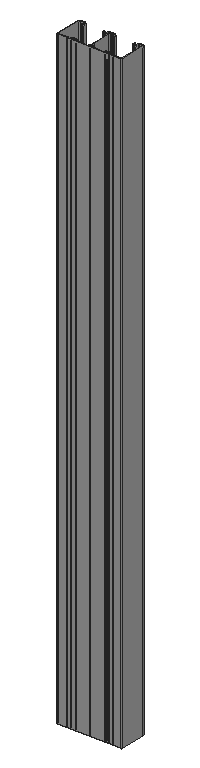
Revit family "Gerateeinbaukanal GA D90210RW", category Generic Models, Revit 2017
Family settings
  Can host rebar = No
  Round Connector Dimension = Use Diameter
  Part Type = Normal
  Work Plane-Based = No
  Always vertical = Yes
  Cut with Voids When Loaded = No
  Shared = No
  Room Calculation Point = No
Parameters (values of type "GA-D90210RW")
  URL = "http://www.obo-bettermann.com"
  Material = Aluminium, anodised
  Manufacturer Art.No. = "6279600"
  Manufacturer = "OBO BETTERMANN"
  Length = 2000 mm
  GTIN = "4012195769491"
  Article Type = "GA-D90210RW"
Types (3, lengths in mm): name | Manufacturer Art.No. | GTIN | Article Type
  (no name) | "6279600" | "4012195769491" | "GA-D90210RW"
  GA-D90210RW | "6279600" | "4012195769491" | "GA-D90210RW"
  GA-D90210EL | "6279603" | "4012195769507" | "GA-D90210EL"
Reference planes
  plane 1 "Center (Front/Back)": y = 0
  plane 2: z = 0
  plane 3 "Center (Left/Right)": x = 0
  plane 4: x = -105
  plane 5: x = 105
  plane 6: y = 90
  plane 7: x = -88.35
  plane 8: x = 88.35
  plane 9: x = 11.65
  plane 10: x = -11.65
  plane 11: y = 8.943
  plane 12: y = 80.943
  plane 13: y = 44.943
  plane 14: x = 49.335
  plane 15: x = 19.285
  plane 16: x = 79.395
  plane 17: x = 54.372
  plane 18: x = 46.372
  plane 19: x = 62.372
  plane 20: y = 8.238
  plane 21: x = 73.372
  plane 22: z = 2000
Forms (mm)
  Extrusion 1, solid, material "Aluminium, anodised" <- "Material"
    sketch origin (0, 0, 0) x (1, 0, 0) y (0, 1, 0)
      loop
        arc (104.987, 86.717) -> (104.136, 88.929) -> (102.022, 90) r 3.3
        line (102.022, 90) -> (88.02, 90)
        arc (88.02, 90) -> (87.313, 89.707) -> (87.02, 89) r 1
        line (87.02, 89) -> (87.02, 79)
        arc (87.02, 79) -> (86.727, 78.293) -> (86.02, 78) r 1
        line (86.02, 78) -> (81.829, 78)
        arc (81.829, 78) -> (81.122, 78.293) -> (80.829, 79) r 1
        line (80.829, 79) -> (80.829, 84.5) -> (79.405, 84.5) -> (79.405, 77.452)
        arc (79.405, 77.452) -> (79.691, 76.762) -> (80.38, 76.476) r 0.975
        line (80.38, 76.476) -> (87.813, 76.476)
        arc (87.813, 76.476) -> (88.528, 76.773) -> (88.824, 77.488) r 1.011
        line (88.824, 77.488) -> (88.824, 87.201)
        arc (88.824, 87.201) -> (89.116, 87.907) -> (89.822, 88.199) r 0.998
        line (89.822, 88.199) -> (100.732, 88.199)
        arc (100.732, 88.199) -> (102.383, 88.131) -> (103.004, 86.6) r 1.526
        line (103.004, 86.6) -> (103.004, 4.312)
        arc (103.004, 4.312) -> (103.001, 2.2) -> (100.889, 2.197) r 1.495
        line (100.889, 2.197) -> (81.337, 2.197) -> (75.807, 2.197)
        arc (75.807, 2.197) -> (75.098, 2.49) -> (74.805, 3.199) r 1.001
        line (74.805, 3.199) -> (74.805, 4.253)
        arc (74.805, 4.253) -> (74.63, 4.677) -> (74.206, 4.853) r 0.6
        line (74.206, 4.853) -> (73.372, 4.853) -> (72.222, 4.853) -> (72.222, 3.793) -> (73.372, 3.793) -> (73.372, 2.8)
        arc (73.372, 2.8) -> (73.196, 2.376) -> (72.772, 2.2) r 0.6
        line (72.772, 2.2) -> (63.053, 2.2)
        arc (63.053, 2.2) -> (62.571, 2.4) -> (62.372, 2.882) r 0.682
        line (62.372, 2.882) -> (62.372, 3.793) -> (63.522, 3.793) -> (63.522, 4.853) -> (62.372, 4.853) -> (62.372, 7.228)
        arc (62.372, 7.228) -> (62.076, 7.942) -> (61.361, 8.238) r 1.01
        line (61.361, 8.238) -> (60.322, 8.238) -> (57.613, 8.238)
        arc (57.613, 8.238) -> (57.23, 8.08) -> (57.072, 7.697) r 0.541
        line (57.072, 7.697) -> (57.072, 6.81)
        arc (57.072, 6.81) -> (57.236, 6.414) -> (57.632, 6.25) r 0.56
        line (57.632, 6.25) -> (59.609, 6.25)
        arc (59.609, 6.25) -> (60.113, 6.041) -> (60.322, 5.537) r 0.713
        line (60.322, 5.537) -> (60.322, 3.222)
        arc (60.322, 3.222) -> (60.023, 2.499) -> (59.3, 2.2) r 1.022
        line (59.3, 2.2) -> (54.372, 2.2) -> (49.436, 2.2)
        arc (49.436, 2.2) -> (48.718, 2.497) -> (48.421, 3.214) r 1.014
        line (48.421, 3.214) -> (48.421, 5.225)
        arc (48.421, 5.225) -> (48.722, 5.95) -> (49.447, 6.25) r 1.025
        line (49.447, 6.25) -> (51.166, 6.25)
        arc (51.166, 6.25) -> (51.524, 6.398) -> (51.671, 6.755) r 0.505
        line (51.671, 6.755) -> (51.671, 7.738)
        arc (51.671, 7.738) -> (51.525, 8.092) -> (51.171, 8.238) r 0.5
        line (51.171, 8.238) -> (48.421, 8.238) -> (47.367, 8.238)
        arc (47.367, 8.238) -> (46.663, 7.946) -> (46.371, 7.242) r 0.996
        line (46.371, 7.242) -> (46.371, 3.189)
        arc (46.371, 3.189) -> (46.082, 2.492) -> (45.385, 2.203) r 0.986
        line (45.385, 2.203) -> (37, 2.203) -> (1.999, 2.203)
        arc (1.999, 2.203) -> (1.293, 2.495) -> (1.001, 3.201) r 0.999
        line (1.001, 3.201) -> (1.001, 4.1)
        arc (1.001, 4.1) -> (1.293, 4.807) -> (2, 5.1) r 1
        line (2, 5.1) -> (2.936, 5.1) -> (3.837, 5.1)
        arc (3.837, 5.1) -> (4.215, 5.256) -> (4.372, 5.634) r 0.534
        line (4.372, 5.634) -> (4.372, 6.491) -> (4.372, 8.443)
        arc (4.372, 8.443) -> (4.225, 8.797) -> (3.872, 8.943) r 0.5
        line (3.872, 8.943) -> (2.875, 8.943)
        arc (2.875, 8.943) -> (2.519, 8.796) -> (2.372, 8.44) r 0.503
        line (2.372, 8.44) -> (2.372, 7.6)
        arc (2.372, 7.6) -> (2.225, 7.247) -> (1.871, 7.1) r 0.5
        line (1.871, 7.1) -> (1, 7.1) -> (1, 15.793) -> (1, 74.093) -> (1, 82.787) -> (2.372, 82.787) -> (2.372, 80.943) -> (3.572, 80.943)
        arc (3.572, 80.943) -> (4.137, 81.178) -> (4.372, 81.743) r 0.8
        line (4.372, 81.743) -> (4.372, 83.395) -> (4.372, 84.787) -> (2.936, 84.787) -> (2, 84.787)
        arc (2, 84.787) -> (1.293, 85.08) -> (1, 85.787) r 1
        line (1, 85.787) -> (1, 87.2)
        arc (1, 87.2) -> (1.293, 87.907) -> (2, 88.2) r 1
        line (2, 88.2) -> (8.85, 88.2)
        arc (8.85, 88.2) -> (9.557, 87.907) -> (9.85, 87.2) r 1
        line (9.85, 87.2) -> (9.85, 77.5)
        arc (9.85, 77.5) -> (10.143, 76.793) -> (10.85, 76.5) r 1
        line (10.85, 76.5) -> (18.285, 76.5)
        arc (18.285, 76.5) -> (18.992, 76.793) -> (19.285, 77.5) r 1
        line (19.285, 77.5) -> (19.285, 84.5) -> (17.841, 84.5) -> (17.841, 79)
        arc (17.841, 79) -> (17.548, 78.293) -> (16.841, 78) r 1
        line (16.841, 78) -> (12.65, 78)
        arc (12.65, 78) -> (11.943, 78.293) -> (11.65, 79) r 1
        line (11.65, 79) -> (11.65, 89)
        arc (11.65, 89) -> (11.357, 89.707) -> (10.65, 90) r 1
        line (10.65, 90) -> (0, 90) -> (-10.65, 90)
        arc (-10.65, 90) -> (-11.357, 89.707) -> (-11.65, 89) r 1
        line (-11.65, 89) -> (-11.65, 79)
        arc (-11.65, 79) -> (-11.943, 78.293) -> (-12.65, 78) r 1
        line (-12.65, 78) -> (-16.841, 78)
        arc (-16.841, 78) -> (-17.548, 78.293) -> (-17.841, 79) r 1
        line (-17.841, 79) -> (-17.841, 84.5) -> (-19.285, 84.5) -> (-19.285, 77.5)
        arc (-19.285, 77.5) -> (-18.992, 76.793) -> (-18.285, 76.5) r 1
        line (-18.285, 76.5) -> (-10.85, 76.5)
        arc (-10.85, 76.5) -> (-10.143, 76.793) -> (-9.85, 77.5) r 1
        line (-9.85, 77.5) -> (-9.85, 87.2)
        arc (-9.85, 87.2) -> (-9.557, 87.907) -> (-8.85, 88.2) r 1
        line (-8.85, 88.2) -> (-2, 88.2)
        arc (-2, 88.2) -> (-1.293, 87.907) -> (-1, 87.2) r 1
        line (-1, 87.2) -> (-1, 85.787)
        arc (-1, 85.787) -> (-1.293, 85.08) -> (-2, 84.787) r 1
        line (-2, 84.787) -> (-2.936, 84.787) -> (-4.372, 84.787) -> (-4.372, 83.395) -> (-4.372, 81.743)
        arc (-4.372, 81.743) -> (-4.137, 81.178) -> (-3.572, 80.943) r 0.8
        line (-3.572, 80.943) -> (-2.372, 80.943) -> (-2.372, 82.787) -> (-1, 82.787) -> (-1, 7.1) -> (-1.871, 7.1)
        arc (-1.871, 7.1) -> (-2.225, 7.247) -> (-2.372, 7.6) r 0.5
        line (-2.372, 7.6) -> (-2.372, 8.44)
        arc (-2.372, 8.44) -> (-2.519, 8.796) -> (-2.875, 8.943) r 0.503
        line (-2.875, 8.943) -> (-3.872, 8.943)
        arc (-3.872, 8.943) -> (-4.225, 8.797) -> (-4.372, 8.443) r 0.5
        line (-4.372, 8.443) -> (-4.372, 6.491) -> (-4.372, 5.634)
        arc (-4.372, 5.634) -> (-4.215, 5.256) -> (-3.837, 5.1) r 0.534
        line (-3.837, 5.1) -> (-2.936, 5.1) -> (-2, 5.1)
        arc (-2, 5.1) -> (-1.293, 4.807) -> (-1.001, 4.1) r 1
        line (-1.001, 4.1) -> (-1.001, 3.201)
        arc (-1.001, 3.201) -> (-1.293, 2.495) -> (-1.999, 2.203) r 0.999
        line (-1.999, 2.203) -> (-37, 2.203) -> (-45.385, 2.203)
        arc (-45.385, 2.203) -> (-46.082, 2.492) -> (-46.371, 3.189) r 0.986
        line (-46.371, 3.189) -> (-46.371, 7.242)
        arc (-46.371, 7.242) -> (-46.663, 7.946) -> (-47.367, 8.238) r 0.996
        line (-47.367, 8.238) -> (-48.421, 8.238) -> (-51.171, 8.238)
        arc (-51.171, 8.238) -> (-51.525, 8.092) -> (-51.671, 7.738) r 0.5
        line (-51.671, 7.738) -> (-51.671, 6.755)
        arc (-51.671, 6.755) -> (-51.524, 6.398) -> (-51.166, 6.25) r 0.505
        line (-51.166, 6.25) -> (-49.447, 6.25)
        arc (-49.447, 6.25) -> (-48.722, 5.95) -> (-48.421, 5.225) r 1.025
        line (-48.421, 5.225) -> (-48.421, 3.214)
        arc (-48.421, 3.214) -> (-48.718, 2.497) -> (-49.436, 2.2) r 1.014
        line (-49.436, 2.2) -> (-54.372, 2.2) -> (-59.3, 2.2)
        arc (-59.3, 2.2) -> (-60.023, 2.499) -> (-60.322, 3.222) r 1.022
        line (-60.322, 3.222) -> (-60.322, 5.537)
        arc (-60.322, 5.537) -> (-60.113, 6.041) -> (-59.609, 6.25) r 0.713
        line (-59.609, 6.25) -> (-57.632, 6.25)
        arc (-57.632, 6.25) -> (-57.236, 6.414) -> (-57.072, 6.81) r 0.56
        line (-57.072, 6.81) -> (-57.072, 7.697)
        arc (-57.072, 7.697) -> (-57.23, 8.08) -> (-57.613, 8.238) r 0.541
        line (-57.613, 8.238) -> (-60.322, 8.238) -> (-61.361, 8.238)
        arc (-61.361, 8.238) -> (-62.076, 7.942) -> (-62.372, 7.228) r 1.01
        line (-62.372, 7.228) -> (-62.372, 4.853) -> (-63.522, 4.853) -> (-63.522, 3.793) -> (-62.372, 3.793) -> (-62.372, 2.882)
        arc (-62.372, 2.882) -> (-62.571, 2.4) -> (-63.053, 2.2) r 0.682
        line (-63.053, 2.2) -> (-72.772, 2.2)
        arc (-72.772, 2.2) -> (-73.196, 2.376) -> (-73.372, 2.8) r 0.6
        line (-73.372, 2.8) -> (-73.372, 3.793) -> (-72.222, 3.793) -> (-72.222, 4.853) -> (-73.372, 4.853) -> (-74.206, 4.853)
        arc (-74.206, 4.853) -> (-74.63, 4.677) -> (-74.805, 4.253) r 0.6
        line (-74.805, 4.253) -> (-74.805, 3.199)
        arc (-74.805, 3.199) -> (-75.099, 2.491) -> (-75.806, 2.198) r 1.001
        line (-75.806, 2.198) -> (-81.337, 2.198) -> (-100.888, 2.198)
        arc (-100.888, 2.198) -> (-102.996, 2.203) -> (-102.996, 4.311) r 1.493
        line (-102.996, 4.311) -> (-102.996, 86.601)
        arc (-102.996, 86.601) -> (-102.378, 88.13) -> (-100.731, 88.201) r 1.523
        line (-100.731, 88.201) -> (-89.818, 88.201)
        arc (-89.818, 88.201) -> (-89.109, 87.907) -> (-88.816, 87.199) r 1.002
        line (-88.816, 87.199) -> (-88.816, 77.51)
        arc (-88.816, 77.51) -> (-88.525, 76.81) -> (-87.823, 76.521) r 0.989
        line (-87.823, 76.521) -> (-80.398, 76.521)
        arc (-80.398, 76.521) -> (-79.67, 76.823) -> (-79.369, 77.55) r 1.029
        line (-79.369, 77.55) -> (-79.369, 84.5) -> (-80.829, 84.5) -> (-80.829, 79)
        arc (-80.829, 79) -> (-81.122, 78.293) -> (-81.829, 78) r 1
        line (-81.829, 78) -> (-86.02, 78)
        arc (-86.02, 78) -> (-86.727, 78.293) -> (-87.02, 79) r 1
        line (-87.02, 79) -> (-87.02, 89)
        arc (-87.02, 89) -> (-87.313, 89.707) -> (-88.02, 90) r 1
        line (-88.02, 90) -> (-102.022, 90)
        arc (-102.022, 90) -> (-104.136, 88.929) -> (-104.987, 86.717) r 3.3
        line (-104.987, 86.717) -> (-104.987, 3)
        arc (-104.987, 3) -> (-104.108, 0.879) -> (-101.987, 0) r 3
        line (-101.987, 0) -> (102.019, 0)
        arc (102.019, 0) -> (104.127, 0.873) -> (105, 2.981) r 2.981
        line (105, 2.981) -> (105, 86.65)
    from 0 to 2000
Dimensions and locks
  locked: plane 11 to plane 12 at 72
  locked: plane 11 to plane 13 at 36
  plane 3 "Center (Left/Right)" to plane 9 = 11.65 mm
  Extrusion 1 sketch curve to Extrusion 1 sketch curve = 12.5 mm
  plane 3 "Center (Left/Right)" to plane 5 = 105 mm
  plane 9 to plane 14 = 37.685 mm
  locked: plane 17 to plane 19 at 8
  locked: plane 18 to plane 17 at 8
  locked: plane 19 to plane 21 at 11
  locked: Extrusion 1 sketch curve to Extrusion 1 sketch curve at 90  (x2)
  locked: Extrusion 1 sketch curve to Extrusion 1 sketch curve at 23.3
  locked: Extrusion 1 sketch curve to Extrusion 1 sketch curve at 19.7
  locked: Extrusion 1 sketch curve to Extrusion 1 sketch curve at 13.5  (x2)
  locked: Extrusion 1 sketch curve to Extrusion 1 sketch curve at 6.191  (x2)
  locked: plane 6 to Extrusion 1 sketch curve at 5.5
  locked: Extrusion 1 sketch curve to plane 6 at 5.5
  Extrusion 1 sketch curve to Extrusion 1 sketch curve = 8.743 mm
  locked: Extrusion 1 sketch curve to Extrusion 1 sketch curve at 3.844  (x2)
  locked: Extrusion 1 sketch curve to Extrusion 1 sketch curve at 6.038  (x2)
  locked: Extrusion 1 sketch curve to Extrusion 1 sketch curve at 4.853
  locked: Extrusion 1 sketch curve to Extrusion 1 sketch curve at 206
  locked: Extrusion 1 sketch curve to Extrusion 1 sketch curve at 14.18  (x2)
  locked: Extrusion 1 sketch curve to Extrusion 1 sketch curve at 84.5  (x2)
  locked: Extrusion 1 sketch curve to Extrusion 1 sketch curve at 82.297  (x2)
  locked: plane 22 to level at 2000
  aligned and locked: level to plane 2
  aligned and locked: plane 15 to Extrusion 1 sketch curve
  aligned and locked: plane 22 to Extrusion 1
  aligned and locked: Extrusion 1 to level
Automatic sketch dimensions
  Extrusion 1 sketch curve to plane 20 = 0 mm  (x2)
  Extrusion 1 sketch curve to plane 10 = 0 mm
  Extrusion 1 sketch curve to plane 6 = 0 mm  (x2)
  Extrusion 1 sketch curve to plane 12 = 0 mm  (x2)
  Extrusion 1 sketch curve to plane 3 "Center (Left/Right)" = 0 mm
  Extrusion 1 sketch curve to plane 17 = 0 mm
  Extrusion 1 sketch curve to plane 19 = 0 mm  (x2)
  Extrusion 1 sketch curve to plane 21 = 0 mm  (x2)
  plane 5 to Extrusion 1 sketch curve = 0 mm
  Extrusion 1 sketch curve to Extrusion 1 sketch curve = 0.444 mm
  Extrusion 1 sketch curve to Extrusion 1 sketch curve = 1.444 mm
  Extrusion 1 sketch curve to plane 10 = 25.35 mm
  Extrusion 1 sketch curve to plane 1 "Center (Front/Back)" = 3.189 mm
  Extrusion 1 sketch curve to Extrusion 1 sketch curve = 8.385 mm
  plane 20 to Extrusion 1 sketch curve = 0 mm
  Extrusion 1 sketch curve to Extrusion 1 sketch curve = 0.996 mm
  Extrusion 1 sketch curve to Extrusion 1 sketch curve = 1.055 mm
  Extrusion 1 sketch curve to Extrusion 1 sketch curve = 2.05 mm  (x2)
  Extrusion 1 sketch curve to Extrusion 1 sketch curve = 1.014 mm
  Extrusion 1 sketch curve to Extrusion 1 sketch curve = 1.025 mm
  Extrusion 1 sketch curve to Extrusion 1 sketch curve = 1.72 mm  (x2)
  Extrusion 1 sketch curve to Extrusion 1 sketch curve = 0.005 mm  (x2)
  Extrusion 1 sketch curve to Extrusion 1 sketch curve = 0.505 mm
  Extrusion 1 sketch curve to plane 1 "Center (Front/Back)" = 2.2 mm  (x3)
  Extrusion 1 sketch curve to Extrusion 1 sketch curve = 4.936 mm
  Extrusion 1 sketch curve to plane 20 = 0.541 mm  (x2)
  Extrusion 1 sketch curve to Extrusion 1 sketch curve = 5.401 mm
  Extrusion 1 sketch curve to Extrusion 1 sketch curve = 0.56 mm  (x2)
  Extrusion 1 sketch curve to Extrusion 1 sketch curve = 1.668 mm
  Extrusion 1 sketch curve to Extrusion 1 sketch curve = 1.976 mm  (x2)
  Extrusion 1 sketch curve to Extrusion 1 sketch curve = 1.022 mm  (x2)
  Extrusion 1 sketch curve to Extrusion 1 sketch curve = 0.713 mm
  Extrusion 1 sketch curve to Extrusion 1 sketch curve = 1.039 mm
  Extrusion 1 sketch curve to Extrusion 1 sketch curve = 0 mm  (x3)
  Extrusion 1 sketch curve to Extrusion 1 sketch curve = 0.682 mm
  Extrusion 1 sketch curve to Extrusion 1 sketch curve = 1.15 mm  (x3)
  Extrusion 1 sketch curve to plane 1 "Center (Front/Back)" = 3.793 mm
  Extrusion 1 sketch curve to Extrusion 1 sketch curve = 8.7 mm
  Extrusion 1 sketch curve to Extrusion 1 sketch curve = 0.55 mm
  Extrusion 1 sketch curve to Extrusion 1 sketch curve = 0.834 mm
  Extrusion 1 sketch curve to Extrusion 1 sketch curve = 0.6 mm  (x2)
  Extrusion 1 sketch curve to Extrusion 1 sketch curve = 1.001 mm  (x2)
  plane 7 to Extrusion 1 sketch curve = 7.952 mm
  Extrusion 1 sketch curve to Extrusion 1 sketch curve = 0.431 mm
  Extrusion 1 sketch curve to plane 1 "Center (Front/Back)" = 2.198 mm
  Extrusion 1 sketch curve to Extrusion 1 sketch curve = 5.53 mm
  Extrusion 1 sketch curve to Extrusion 1 sketch curve = 1 mm  (x13)
  plane 7 to Extrusion 1 sketch curve = 2.33 mm
  plane 7 to Extrusion 1 sketch curve = 0.523 mm
  plane 7 to Extrusion 1 sketch curve = 0.527 mm
  plane 7 to Extrusion 1 sketch curve = 0.33 mm  (x2)
  Extrusion 1 sketch curve to plane 7 = 0.466 mm
  Extrusion 1 sketch curve to Extrusion 1 sketch curve = 1.002 mm
  Extrusion 1 sketch curve to Extrusion 1 sketch curve = 2.265 mm
  Extrusion 1 sketch curve to Extrusion 1 sketch curve = 2.108 mm
  Extrusion 1 sketch curve to Extrusion 1 sketch curve = 1.496 mm
  Extrusion 1 sketch curve to Extrusion 1 sketch curve = 0.187 mm
  Extrusion 1 sketch curve to Extrusion 1 sketch curve = 1.056 mm
  Extrusion 1 sketch curve to Extrusion 1 sketch curve = 0.048 mm
  Extrusion 1 sketch curve to Extrusion 1 sketch curve = 1.291 mm
  plane 4 to Extrusion 1 sketch curve = 0.013 mm
  Extrusion 1 sketch curve to plane 10 = 1 mm
  plane 10 to Extrusion 1 sketch curve = 0.8 mm
  plane 10 to Extrusion 1 sketch curve = 1 mm
  plane 10 to Extrusion 1 sketch curve = 1.8 mm
  plane 20 to Extrusion 1 sketch curve = 0.205 mm  (x2)
  Extrusion 1 sketch curve to plane 3 "Center (Left/Right)" = 4.372 mm  (x2)
  plane 12 to Extrusion 1 sketch curve = 0.8 mm  (x2)
  Extrusion 1 sketch curve to Extrusion 1 sketch curve = 0.5 mm  (x5)
  Extrusion 1 sketch curve to Extrusion 1 sketch curve = 0.534 mm
  Extrusion 1 sketch curve to Extrusion 1 sketch curve = 1.435 mm
  Extrusion 1 sketch curve to Extrusion 1 sketch curve = 0.901 mm  (x2)
  Extrusion 1 sketch curve to Extrusion 1 sketch curve = 0.997 mm  (x2)
  Extrusion 1 sketch curve to Extrusion 1 sketch curve = 1.2 mm
  plane 20 to Extrusion 1 sketch curve = 0.202 mm  (x2)
  Extrusion 1 sketch curve to Extrusion 1 sketch curve = 0.936 mm  (x4)
  Extrusion 1 sketch curve to plane 3 "Center (Left/Right)" = 2 mm
  Extrusion 1 sketch curve to Extrusion 1 sketch curve = 0.001 mm
  Extrusion 1 sketch curve to plane 3 "Center (Left/Right)" = 1 mm
  plane 3 "Center (Left/Right)" to Extrusion 1 sketch curve = 1 mm  (x2)
  plane 3 "Center (Left/Right)" to Extrusion 1 sketch curve = 1.001 mm
  Extrusion 1 sketch curve to Extrusion 1 sketch curve = 0.871 mm
  Extrusion 1 sketch curve to Extrusion 1 sketch curve = 0.999 mm
  Extrusion 1 sketch curve to Extrusion 1 sketch curve = 1.372 mm
  Extrusion 1 sketch curve to plane 11 = 0 mm
  Extrusion 1 sketch curve to plane 9 = 1 mm
  plane 9 to Extrusion 1 sketch curve = 1 mm
  plane 15 to Extrusion 1 sketch curve = 1 mm
  Extrusion 1 sketch curve to plane 18 = 9.372 mm
  Extrusion 1 sketch curve to plane 18 = 0.987 mm
  Extrusion 1 sketch curve to plane 18 = 0.001 mm
  plane 18 to Extrusion 1 sketch curve = 0.995 mm
  Extrusion 1 sketch curve to plane 14 = 0.914 mm  (x2)
  plane 14 to Extrusion 1 sketch curve = 0.101 mm
  plane 14 to Extrusion 1 sketch curve = 0.112 mm
  Extrusion 1 sketch curve to plane 20 = 0.5 mm
  plane 17 to Extrusion 1 sketch curve = 2.7 mm
  Extrusion 1 sketch curve to plane 19 = 3.072 mm
  Extrusion 1 sketch curve to plane 19 = 2.05 mm
  Extrusion 1 sketch curve to plane 19 = 1.01 mm
  plane 19 to Extrusion 1 sketch curve = 0.682 mm
  Extrusion 1 sketch curve to Extrusion 1 sketch curve = 0.468 mm
  Extrusion 1 sketch curve to plane 21 = 0.6 mm
  plane 21 to Extrusion 1 sketch curve = 0.834 mm
  plane 16 to Extrusion 1 sketch curve = 0.009 mm
  plane 16 to Extrusion 1 sketch curve = 0.985 mm
  Extrusion 1 sketch curve to Extrusion 1 sketch curve = 1.424 mm
  plane 16 to Extrusion 1 sketch curve = 1.941 mm
  Extrusion 1 sketch curve to plane 8 = 2.33 mm
  Extrusion 1 sketch curve to plane 8 = 0.537 mm
  Extrusion 1 sketch curve to plane 8 = 0.33 mm
  Extrusion 1 sketch curve to Extrusion 1 sketch curve = 0.998 mm
  Extrusion 1 sketch curve to Extrusion 1 sketch curve = 2.272 mm
  Extrusion 1 sketch curve to Extrusion 1 sketch curve = 2.115 mm
  Extrusion 1 sketch curve to Extrusion 1 sketch curve = 0.773 mm
  Extrusion 1 sketch curve to Extrusion 1 sketch curve = 0.182 mm
  Extrusion 1 sketch curve to Extrusion 1 sketch curve = 1.061 mm
  Extrusion 1 sketch curve to Extrusion 1 sketch curve = 1.13 mm
  Extrusion 1 sketch curve to Extrusion 1 sketch curve = 1.29 mm
  Extrusion 1 sketch curve to plane 1 "Center (Front/Back)" = 2.197 mm
  Extrusion 1 sketch curve to Extrusion 1 sketch curve = 0.257 mm
  Extrusion 1 sketch curve to Extrusion 1 sketch curve = 0.277 mm
  Extrusion 1 sketch curve to Extrusion 1 sketch curve = 0.911 mm  (x2)
  Extrusion 1 sketch curve to Extrusion 1 sketch curve = 0.46 mm
  Extrusion 1 sketch curve to Extrusion 1 sketch curve = 1.054 mm
  Extrusion 1 sketch curve to Extrusion 1 sketch curve = 1.06 mm  (x2)
  Extrusion 1 sketch curve to Extrusion 1 sketch curve = 2.011 mm  (x2)
  Extrusion 1 sketch curve to Extrusion 1 sketch curve = 1.691 mm  (x2)
  Extrusion 1 sketch curve to Extrusion 1 sketch curve = 0.857 mm  (x2)
  Extrusion 1 sketch curve to plane 20 = 1.138 mm  (x2)
  Extrusion 1 sketch curve to plane 20 = 1.01 mm
  Extrusion 1 sketch curve to plane 11 = 6.85 mm
  Extrusion 1 sketch curve to plane 12 = 6.85 mm
  Extrusion 1 sketch curve to plane 12 = 4.467 mm
  Extrusion 1 sketch curve to plane 12 = 4.422 mm
  Extrusion 1 sketch curve to Extrusion 1 sketch curve = 1.029 mm
  Extrusion 1 sketch curve to Extrusion 1 sketch curve = 0.49 mm
  Extrusion 1 sketch curve to Extrusion 1 sketch curve = 0.548 mm
  Extrusion 1 sketch curve to Extrusion 1 sketch curve = 1.043 mm  (x2)
  Extrusion 1 sketch curve to Extrusion 1 sketch curve = 1.652 mm  (x2)
  Extrusion 1 sketch curve to Extrusion 1 sketch curve = 2 mm  (x2)
  Extrusion 1 sketch curve to plane 6 = 3.4 mm
  Extrusion 1 sketch curve to Extrusion 1 sketch curve = 0.116 mm
  Extrusion 1 sketch curve to Extrusion 1 sketch curve = 0.117 mm
  Extrusion 1 sketch curve to Extrusion 1 sketch curve = 0.166 mm
  Extrusion 1 sketch curve to Extrusion 1 sketch curve = 0.169 mm
  Extrusion 1 sketch curve to Extrusion 1 sketch curve = 1.413 mm
  Extrusion 1 sketch curve to Extrusion 1 sketch curve = 1.8 mm
  Extrusion 1 sketch curve to Extrusion 1 sketch curve = 0.067 mm
  Extrusion 1 sketch curve to Extrusion 1 sketch curve = 1.431 mm
